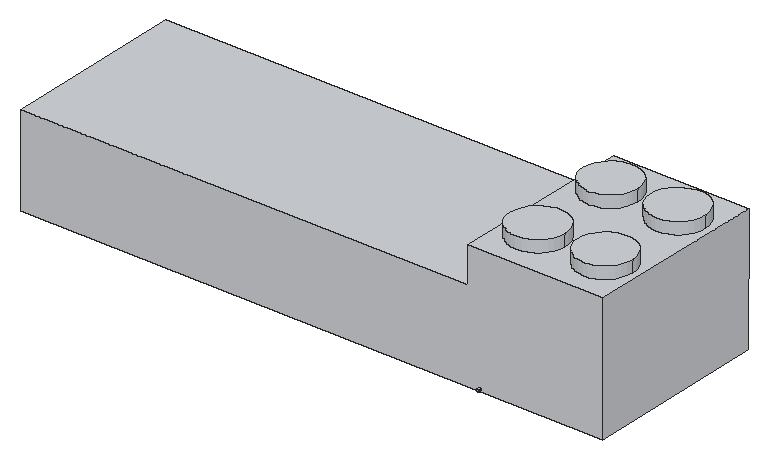
Revit family "6ccae3cd2f6b4810a70cebd2cd6adb68", category Mechanical Equipment, Revit 2021
Family settings
  Round Connector Dimension = Use Radius
  Part Type = Normal
  OmniClass Number = 23.75.10.24.21.27.14
  OmniClass Title = Packaged Rooftop Air Conditioning Units
  Seek Item ID = Rooftop AC Units - Gas Fired - 20-130 Tons-0000-USA-ENU
  Work Plane-Based = No
  Always vertical = Yes
  Cut with Voids When Loaded = No
  Shared = No
  Room Calculation Point = No
Parameters (values of type "20 Tons")
  Voltage = 480 V
  Visibility 2 = no
  Visibility 1 = yes
  Unit Width = 7' - 6 1/2"
  Unit Length = 24' - 1 3/8"
  Unit Height = 5' - 8 15/16"
  Supply Air Outlet Width = 26 1/2"
  Supply Air Outlet Height = 67"
  Load Classification = Cooling
  Heating Output = 410000.0 Btu/h
  Gas Radius = 5/8"
  Gas Pressure Drop [instance] = 0.00 psi
  Gas Flow [instance] = 0 GPM
  Gas Diameter = 2 * Gas Radius  # 1 1/4"
  Drain Flow [instance] = 0 GPM
  Default Elevation = 0' - 0"
  C3 Offset 1 = 16' - 6"
  Air Flow [instance] = 9000 CFM
  Return Air Inlet Width = 78 15/16"
  Return Air Inlet Height = 40 3/8"
  Number of Poles = 3
  Unit Material = none
  Height 2 = 3' - 9 5/16"
  Height 1 = 5' - 3 1/8"
  Heating Input = 500000.0 Btu/h
  Fan Radius 2 = 0.05 * Unit Width  # 0' - 4.525"
  Fan Radius 1 = 0.15 * Unit Width  # 1' - 1.575"
  Drain Radius = 11/16"
  Drain Diameter = Drain Radius * 2  # 1 3/8"
  C1 Offset 2 = 0' - 5 13/16"
  C1 Offset 1 = 16' - 3 13/16"
  C2 Offset 2 = 0' - 5 13/16"
  C2 Offset 1 = 0' - 5 13/16"
  Apparent Load = 10464 VA
  Air Pressure Drop [instance] = 0.61 in-wg
Types (12): name | Visibility 2 | Visibility 1 | Unit Width | Unit Length | Unit Height | Supply Air Outlet Width | Supply Air Outlet Height | Heating Output | Gas Radius | Gas Diameter | C3 Offset 1 | Air Flow | Return Air Inlet Width | Return Air Inlet Height | Height 2 | Height 1 | Heating Input | Fan Radius 2 | Fan Radius 1 | C1 Offset 2 | C1 Offset 1 | C2 Offset 2 | C2 Offset 1 | Apparent Load | Air Pressure Drop
  (no name) | no | yes | 7' - 6 1/2" | 24' - 1 3/8" | 5' - 8 15/16" | 26 1/2" | 67" | 410000.0 Btu/h | 5/8" | 1 1/4" | 16' - 6" | 9000 CFM | 78 15/16" | 40 3/8" | 3' - 9 5/16" | 5' - 3 1/8" | 500000.0 Btu/h | 0' - 4.525" | 1' - 1.575" | 0' - 5 13/16" | 16' - 3 13/16" | 0' - 5 13/16" | 0' - 5 13/16" | 10464 VA | 0.61 in-wg
  20 Tons | no | yes | 7' - 6 1/2" | 24' - 1 3/8" | 5' - 8 15/16" | 26 1/2" | 67" | 410000.0 Btu/h | 5/8" | 1 1/4" | 16' - 6" | 9000 CFM | 78 15/16" | 40 3/8" | 3' - 9 5/16" | 5' - 3 1/8" | 500000.0 Btu/h | 0' - 4.525" | 1' - 1.575" | 0' - 5 13/16" | 16' - 3 13/16" | 0' - 5 13/16" | 0' - 5 13/16" | 10464 VA | 0.61 in-wg
  25 Tons | no | yes | 7' - 6 1/2" | 24' - 1 3/8" | 6' - 2 3/8" | 26 1/2" | 67" | 410000.0 Btu/h | 5/8" | 1 1/4" | 16' - 6" | 11000 CFM | 78 15/16" | 40 3/8" | 3' - 9 5/16" | 5' - 3 1/8" | 500000.0 Btu/h | 0' - 4.525" | 1' - 1.575" | 0' - 5 13/16" | 16' - 3 13/16" | 0' - 5 13/16" | 0' - 5 13/16" | 15696 VA | 0.87 in-wg
  30 Tons | no | yes | 7' - 6 1/2" | 24' - 1 3/8" | 6' - 2 3/8" | 26 1/2" | 67" | 410000.0 Btu/h | 5/8" | 1 1/4" | 16' - 6" | 13500 CFM | 78 15/16" | 40 3/8" | 4' - 9 5/16" | 5' - 8 5/8" | 500000.0 Btu/h | 0' - 4.525" | 1' - 1.575" | 0' - 5 13/16" | 16' - 3 13/16" | 0' - 5 13/16" | 0' - 5 13/16" | 15696 VA | 1.34 in-wg
  40 Tons | no | yes | 7' - 6 1/2" | 30' - 2 1/2" | 6' - 7 3/8" | 29" | 67" | 697000.0 Btu/h | 5/8" | 1 1/4" | 19' - 6" | 18000 CFM | 92 3/16" | 40 3/8" | 5' - 9 5/16" | 6' - 1 5/8" | 850000.0 Btu/h | 0' - 4.525" | 1' - 1.575" | 0' - 5 13/16" | 19' - 10 5/16" | 0' - 5 13/16" | 0' - 5 13/16" | 16560 VA | 0.90 in-wg
  50/55 Tons | no | yes | 7' - 6 1/2" | 30' - 10 1/2" | 5' - 8 7/8" | 29" | 67" | 697000.0 Btu/h | 5/8" | 1 1/4" | 19' - 6" | 22500 CFM | 92 3/16" | 40 3/8" | 6' - 9 5/16" | 5' - 3 1/8" | 850000.0 Btu/h | 0' - 4.525" | 1' - 1.575" | 0' - 5 13/16" | 19' - 10 5/16" | 0' - 5 13/16" | 0' - 5 13/16" | 18288 VA | 1.70 in-wg
  60 Tons | no | yes | 9' - 8" | 30' - 2 1/2" | 6' - 7 3/8" | 29" | 92 1/2" | 697000.0 Btu/h | 5/8" | 1 1/4" | 19' - 6" | 24000 CFM | 92 3/16" | 53 3/8" | 5' - 9 5/16" | 6' - 1 5/8" | 850000.0 Btu/h | 0' - 5.8" | 1' - 5.4" | 0' - 5 13/16" | 19' - 10 5/16" | 0' - 5 13/16" | 0' - 5 13/16" | 18288 VA | 1.35 in-wg
  70 Tons | no | yes | 9' - 8" | 30' - 2 1/2" | 6' - 7 3/8" | 29" | 92 1/2" | 697000.0 Btu/h | 5/8" | 1 1/4" | 19' - 6" | 27000 CFM | 92 3/16" | 53 3/8" | 5' - 9 5/16" | 6' - 1 5/8" | 850000.0 Btu/h | 0' - 5.8" | 1' - 5.4" | 0' - 5 13/16" | 19' - 10 5/16" | 0' - 5 13/16" | 0' - 5 13/16" | 18288 VA | 2.11 in-wg
  75 Tons | no | yes | 9' - 8" | 30' - 2 1/2" | 6' - 7 3/8" | 29" | 92 1/2" | 697000.0 Btu/h | 5/8" | 1 1/4" | 19' - 6" | 27000 CFM | 92 3/16" | 53 3/8" | 5' - 9 5/16" | 6' - 1 5/8" | 850000.0 Btu/h | 0' - 5.8" | 1' - 5.4" | 0' - 5 13/16" | 19' - 10 5/16" | 0' - 5 13/16" | 0' - 5 13/16" | 18288 VA | 2.27 in-wg
  90 Tons | yes | no | 11' - 11 5/8" | 35' - 3 3/4" | 6' - 7 3/8" | 45" | 84" | 820000.0 Btu/h | 1 3/4" | 3 1/2" | 11' - 10 25/32" | 45000 CFM | 117 1/4" | 64 3/8" | 6' - 9 3/8" | 6' - 1 5/8" | 1000000.0 Btu/h | 0' - 7.18125" | 1' - 9.54375" | 2' - 10 5/8" | 21' - 0 1/2" | 0' - 3" | 0' - 4" | 20016 VA | 2.11 in-wg
  105 Tons | yes | no | 11' - 11 5/8" | 35' - 3 3/4" | 6' - 7 3/8" | 45" | 84" | 820000.0 Btu/h | 1 3/4" | 3 1/2" | 11' - 10 25/32" | 44000 CFM | 117 1/4" | 64 3/8" | 6' - 9 3/8" | 6' - 1 5/8" | 1000000.0 Btu/h | 0' - 7.18125" | 1' - 9.54375" | 2' - 10 5/8" | 21' - 0 1/2" | 0' - 3" | 0' - 4" | 21744 VA | 2.27 in-wg
  115/130 Tons | yes | no | 11' - 11 5/8" | 35' - 3 3/4" | 6' - 7 3/8" | 45" | 84" | 820000.0 Btu/h | 1 3/4" | 3 1/2" | 11' - 10 25/32" | 46000 CFM | 117 1/4" | 64 3/8" | 6' - 9 3/8" | 6' - 1 5/8" | 1000000.0 Btu/h | 0' - 7.18125" | 1' - 9.54375" | 2' - 10 5/8" | 21' - 0 1/2" | 0' - 3" | 0' - 4" | 23472 VA | 2.80 in-wg
Reference planes (in)
  plane 1 "Center (Front/Back)": y = 0
  plane 2: z = 0
  plane 3 "Center (Left/Right)": x = 0
  plane 4: y = 90.5
  plane 5: x = -289.375
  plane 6: z = 68.9375
  plane 7: x = -67.0625
  plane 8: x = -93.5625
  plane 9: x = -33.53125
  plane 10: y = 45.25
  plane 11: x = -50.29687
  plane 12: x = -16.76562
  plane 13: y = 67.875
  plane 14: y = 22.625
  plane 15: z = 63.125
  plane 16: x = -44.70833
  plane 17: x = -55.88542
  plane 18: x = -22.35417
  plane 19: x = -11.17708
  plane 20: y = 79.1875
  plane 21: y = 56.5625
  plane 22: y = 33.9375
  plane 23: y = 11.3125
  plane 24: x = -283.5625
  plane 25: y = 5.8125
  plane 26: x = -204.625
  plane 27: y = 46.1875
  plane 28: y = 84.6875
  plane 29: y = 17.6875
  plane 30: x = -61.0625
  plane 31: z = 1
  plane 32: y = 81.46875
  plane 33: x = -198
  plane 34: z = 1
Forms (in)
  Extrusion 1, solid, material <- "Unit Material"
    sketch origin (0, 0, 32.25) x (-1, 0, 0) y (0, -1, 0)
      loop
        line (289.375, -90.5) -> (289.375, 0) -> (67.0625, 0) -> (67.0625, -90.5) -> (289.375, -90.5)
    from -32.25 to 13.0625
  Extrusion 2, solid, material <- "Unit Material"
    sketch origin (0, 0, 32.25) x (-1, 0, 0) y (0, -1, 0)
      loop
        line (67.0625, -90.5) -> (67.0625, 0) -> (0, 0) -> (0, -90.5) -> (67.0625, -90.5)
    from -32.25 to 30.875
  Extrusion 3, solid, material <- "Unit Material", visible <- "Visibility 1"
    sketch origin (0, 0, 32.25) x (-1, 0, 0) y (0, -1, 0)
      loop
        circle (50.29687, -67.875) r 13.575
      loop
        circle (16.76562, -67.875) r 13.575
      loop
        circle (50.29687, -22.625) r 13.575
      loop
        circle (16.76562, -22.625) r 13.575
    from 30.875 to 36.6875
  Extrusion 4, solid, material <- "Unit Material", visible <- "Visibility 2"
    sketch origin (0, 0, 32.25) x (-1, 0, 0) y (0, -1, 0)
      loop
        circle (55.88542, -79.1875) r 4.525
      loop
        circle (33.53125, -79.1875) r 4.525
      loop
        circle (55.88542, -56.5625) r 4.525
      loop
        circle (55.88542, -22.625) r 4.525
      loop
        circle (33.53125, -56.5625) r 4.525
      loop
        circle (33.53125, -11.3125) r 4.525
      loop
        circle (33.53125, -33.9375) r 4.525
      loop
        circle (11.17708, -67.875) r 4.525
      loop
        circle (11.17708, -22.625) r 4.525
    from 30.875 to 36.6875
  Extrusion 5, void
    sketch origin (0, 0, 32.25) x (-1, 0, 0) y (0, -1, 0)
      loop
        line (283.5625, -46.1875) -> (283.5625, -5.8125) -> (204.625, -5.8125) -> (204.625, -46.1875) -> (283.5625, -46.1875)
    from -32.25 to -25.875
  Extrusion 6, void
    sketch origin (0, 0, 32.25) x (-1, 0, 0) y (0, -1, 0)
      loop
        line (93.5625, -84.6875) -> (93.5625, -17.6875) -> (67.0625, -17.6875) -> (67.0625, -84.6875) -> (93.5625, -84.6875)
    from -32.25 to -25.875
  Extrusion 7, solid, material <- "Unit Material"
    sketch origin (0, 0, 0) x (1, 0, 0) y (0, 0, 1)
      loop
        circle (-61.0625, 1) r 0.6875
    from 0 to 1
  Extrusion 8, void
    sketch origin (0, 0, 32.25) x (-1, 0, 0) y (0, -1, 0)
      loop
        circle (198, -81.46875) r 0.625
    from -32.25 to -31.25
Cuts and joins
  Extrusion 5, Extrusion 6, Extrusion 8 cuts Extrusion 1
  Extrusion 6, Extrusion 8 cuts Extrusion 2
  Extrusion 8 cuts Extrusion 7
  joined: Extrusion 1, Extrusion 2, Extrusion 7
Dimensions and locks (in)
  "Unit Width": plane 4 to plane 1 "Center (Front/Back)"
  "Unit Length": plane 5 to plane 3 "Center (Left/Right)"
  "Unit Height": plane 6 to plane 2
  "C1 Offset 1": plane 5 to plane 8
  "Supply Air Outlet Width": plane 8 to plane 7
  "Height 2": Extrusion 1 to plane 2
  equal spacing: plane 7, plane 9, plane 3 "Center (Left/Right)"
  equal spacing: plane 4, plane 10, plane 1 "Center (Front/Back)"
  equal spacing: plane 7, plane 11, plane 9
  equal spacing: plane 9, plane 12, plane 3 "Center (Left/Right)"
  equal spacing: plane 4, plane 13, plane 10
  equal spacing: plane 10, plane 14, plane 1 "Center (Front/Back)"
  "Height 1": plane 15 to plane 2
  equal spacing: plane 7, plane 17, plane 16, plane 9
  equal spacing: plane 9, plane 18, plane 19, plane 3 "Center (Left/Right)"
  equal spacing: plane 4, plane 20, plane 13
  equal spacing: plane 13, plane 21, plane 10
  equal spacing: plane 10, plane 22, plane 14
  equal spacing: plane 1 "Center (Front/Back)", plane 23, plane 14
  "C2 Offset 1": plane 5 to plane 24
  "C2 Offset 2": plane 1 "Center (Front/Back)" to plane 25
  "Return Air Inlet Width": plane 24 to plane 26
  "Return Air Inlet Height": plane 25 to plane 27
  locked: cut or joined group of Extrusion 1, Extrusion 2, Extrusion 5, Extrusion 6, Extrusion 7, Extrusion 8 to plane 2 at 6.375  (x2)
  locked: plane 4 to plane 28 at 5.8125
  "Supply Air Outlet Height": plane 28 to plane 29
  locked: plane 30 to plane 7 at 6
  locked: plane 31 to plane 2 at 1
  locked: Extrusion 7 to plane 1 "Center (Front/Back)" at 1
  Extrusion 7 to Extrusion 7 = 0' - 1"
  locked: plane 32 to plane 4 at 9.03125
  "C3 Offset 1": plane 33 to plane 3 "Center (Left/Right)"
  locked: plane 34 to level at 1
  "Fan Radius 1": radius of Extrusion 3 sketch curve  (x4)
  "Fan Radius 2": radius of Extrusion 4 sketch curve  (x9)
  "Drain Radius": radius of Extrusion 7 sketch curve
  "Gas Radius": radius of Extrusion 8 sketch curve
  aligned and locked: plane 5 to Extrusion 1 sketch curve
  aligned and locked: Extrusion 1 sketch curve to plane 4
  aligned and locked: plane 1 "Center (Front/Back)" to Extrusion 1 sketch curve
  aligned and locked: Extrusion 1 sketch curve to plane 7
  aligned and locked: Extrusion 1 to Extrusion 2 sketch curve
  aligned and locked: Extrusion 2 sketch curve to Extrusion 1
  aligned and locked: plane 1 "Center (Front/Back)" to Extrusion 2 sketch curve
  aligned and locked: Extrusion 2 sketch curve to plane 3 "Center (Left/Right)"
  aligned and locked: Extrusion 1 to plane 2
  aligned and locked: Extrusion 2 to plane 2
  aligned and locked: plane 11 to Extrusion 3 sketch curve  (x2)
  aligned and locked: plane 13 to Extrusion 3 sketch curve  (x2)
  aligned and locked: plane 12 to Extrusion 3 sketch curve  (x2)
  aligned and locked: plane 14 to Extrusion 3 sketch curve  (x2)
  aligned and locked: plane 6 to Extrusion 3
  aligned and locked: plane 15 to Extrusion 2
  aligned and locked: Extrusion 3 to plane 15
  aligned and locked: plane 17 to Extrusion 4 sketch curve  (x3)
  aligned and locked: plane 20 to Extrusion 4 sketch curve  (x2)
  aligned and locked: plane 19 to Extrusion 4 sketch curve  (x2)
  aligned and locked: plane 14 to Extrusion 4 sketch curve  (x2)
  aligned and locked: plane 13 to Extrusion 4 sketch curve
  aligned and locked: plane 9 to Extrusion 4 sketch curve  (x4)
  aligned and locked: plane 23 to Extrusion 4 sketch curve
  aligned and locked: plane 22 to Extrusion 4 sketch curve
  aligned and locked: plane 21 to Extrusion 4 sketch curve  (x2)
  aligned and locked: plane 6 to Extrusion 4
  aligned and locked: Extrusion 4 to plane 15
  aligned and locked: plane 24 to Extrusion 5 sketch curve
  aligned and locked: plane 27 to Extrusion 5 sketch curve
  aligned and locked: plane 25 to Extrusion 5 sketch curve
  aligned and locked: Extrusion 5 sketch curve to plane 26
  aligned and locked: cut or joined group of Extrusion 1, Extrusion 2, Extrusion 5, Extrusion 6, Extrusion 7, Extrusion 8 to plane 2  (x3)
  aligned and locked: plane 8 to Extrusion 6 sketch curve
  aligned and locked: Extrusion 6 sketch curve to plane 28
  aligned and locked: plane 29 to Extrusion 6 sketch curve
  aligned and locked: Extrusion 6 sketch curve to plane 7
  aligned and locked: plane 30 to Extrusion 7 sketch curve
  aligned and locked: plane 31 to Extrusion 7 sketch curve
  aligned and locked: plane 32 to Extrusion 8 sketch curve
  aligned and locked: plane 33 to Extrusion 8 sketch curve
  aligned and locked: plane 34 to cut or joined group of Extrusion 1, Extrusion 2, Extrusion 5, Extrusion 6, Extrusion 7, Extrusion 8
Connectors (in)
  hvac at (-80.3125, 51.1875, 0), driven by "Air Flow", driven by "Supply Air Outlet Height", driven by "Supply Air Outlet Width"
    settings: on cut or joined group of Extrusion 1, Extrusion 2, Extrusion 5, Extrusion 6, Extrusion 7, Extrusion 8, index 1, duct flow 9000 CFM, flow factor 0, pres drop 0.00 in-wg, loss coef 0, conn angle 0.00°, conn width 26 1/2", conn height 67", conn diameter 24", duct sys type 1, conn prof type 1, flow config 0, flow direction 2, loss method 0, conn ref index 2, conn util no, is conn primary yes, conn desc ""
  hvac at (-244.09375, 26, 0), driven by "Air Flow", driven by "Return Air Inlet Height", driven by "Return Air Inlet Width"
    settings: on cut or joined group of Extrusion 1, Extrusion 2, Extrusion 5, Extrusion 6, Extrusion 7, Extrusion 8, index 2, duct flow 9000 CFM, flow factor 0, pres drop 0.00 in-wg, loss coef 0, conn angle 0.00°, conn width 78 15/16", conn height 40 3/8", conn diameter 24", duct sys type 2, conn prof type 1, flow config 0, flow direction 1, loss method 0, conn ref index 1, conn util no, is conn primary no, conn desc ""
  piping at (-198, 81.46875, 0), diameter 1.25, driven by "Gas Flow", driven by "Gas Pressure Drop", driven by "Gas Radius"
    settings: on cut or joined group of Extrusion 1, Extrusion 2, Extrusion 5, Extrusion 6, Extrusion 7, Extrusion 8, index 3, connector inside diameter 1 1/4", connector length 0' - 0", flow factor 0, pipe flow 0 GPM, pressure drop 0.00 psi, fitting loss kfactor 0, connector angle 0.00°, fixture units 0, engagement length 0' - 0", angle of deflection 0.00°, flow configuration 1, flow direction 1, fitting loss method 4, system type 22, joint type 0, gender type 0, connector reference index -1, connector utility 0, adjustable connector no, is connector primary yes, connector description "Gas In"
  piping at (-61.0625, -1, 1), diameter 1.375, driven by "Drain Flow", driven by "Drain Radius"
    settings: on cut or joined group of Extrusion 1, Extrusion 2, Extrusion 5, Extrusion 6, Extrusion 7, Extrusion 8, index 4, connector inside diameter 1 3/8", connector length 0' - 0", flow factor 0, pipe flow 0 GPM, pressure drop 0.00 psi, fitting loss kfactor 0, connector angle 0.00°, fixture units 0, engagement length 0' - 0", angle of deflection 0.00°, flow configuration 1, flow direction 2, fitting loss method 0, system type 16, joint type 0, gender type 0, connector reference index -1, connector utility 0, adjustable connector yes, is connector primary no, connector description "Drain Out"
  electrical at (0, 45.25, 31.5625), driven by "Apparent Load", driven by "Voltage", driven by "Number of Poles", driven by "Load Classification"
    settings: on cut or joined group of Extrusion 1, Extrusion 2, Extrusion 5, Extrusion 6, Extrusion 7, Extrusion 8, index 5, voltage 480 V, apparent load 10464 VA, apparent load phase1 0 VA, apparent load phase2 0 VA, apparent load phase3 0 VA, power factor 0.8, load classification "Cooling", number of poles 3, system type 30, power factor state 1, is connector primary yes, connector utility no, sub classification motor no, connector description ""
